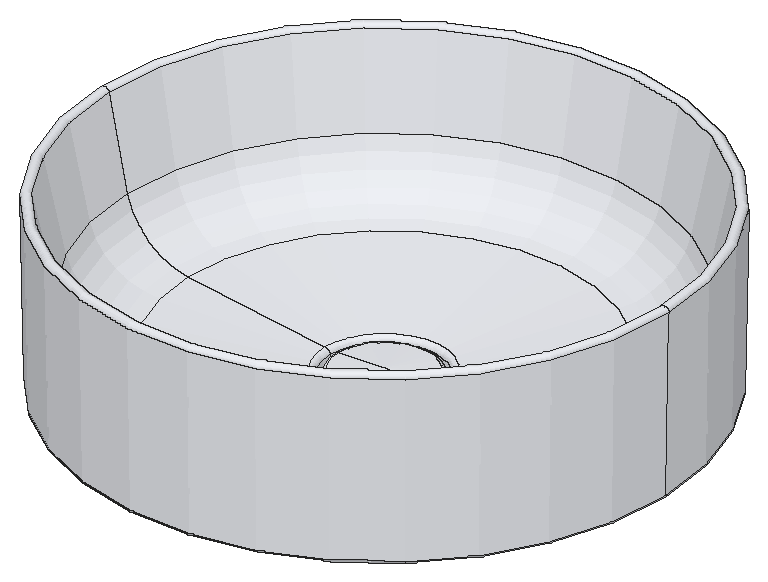
Revit family "LIANO II 400 ROUND ABOVE COUNTER BASIN NTH NOF", category Plumbing Fixtures, host Face, Revit 2019
Family settings
  Host = Face
  Round Connector Dimension = Use Diameter
  Part Type = Normal
  OmniClass Number = 23.45.05.14.14
  OmniClass Title = Sinks/Lavatories
  Cut with Voids When Loaded = Yes
  Shared = No
  Room Calculation Point = No
Parameters (values of type "LIANO II 400 ROUND ABOVE COUNTER BASIN NTH NOF WHITE")
  Waste Connection = yes
  Vent Connection = no
  URL = "https://www.caroma.com.au/"
  Model = "852500W"
  Material_Waste = GWA-Porcelain-White
  Material_Basin = GWA-Porcelain-White
  Manufacturer = "GWA Bathrooms & Kitchens"  # constant formula
  HW Connection = no
  Description = "LIANO II 400 ROUND ABOVE COUNTER BASIN NTH NOF WHITE"
  Default Elevation = 0 mm
  CreatedBy_ANZRS = "GWA Bathrooms & Kitchens"  # constant formula
  CW Connection = no
  Assembly Code = "D2010400"
Types (8, lengths in mm): name | Model | Material_Waste | Material_Basin | Description
  (no name) | "852500W" | GWA-Porcelain-White | GWA-Porcelain-White | "LIANO II 400 ROUND ABOVE COUNTER BASIN NTH NOF WHITE"
  LIANO II 400 ROUND ABOVE COUNTER BASIN NTH NOF WHITE | "852500W" | GWA-Porcelain-White | GWA-Porcelain-White | "LIANO II 400 ROUND ABOVE COUNTER BASIN NTH NOF WHITE"
  LIANO II 400 ROUND ABOVE COUNTER BASIN NTH NOF MATTE WHITE | "852500MW" | GWA-Porcelain-Matte-White | GWA-Porcelain-Matte-White | "LIANO II 400 ROUND ABOVE COUNTER BASIN NTH NOF MATTE WHITE"
  LIANO II 400 ROUND ABOVE COUNTER BASIN NTH NOF MATTE GREEN | "852500MG" | GWA-Porcelain-Green | GWA-Porcelain-Green | "LIANO II 400 ROUND ABOVE COUNTER BASIN NTH NOF MATTE GREEN"
  LIANO II 400 ROUND ABOVE COUNTER BASIN NTH NOF MATTE BLACK | "852500MB" | GWA-Porcelain-Black | GWA-Porcelain-Black | "LIANO II 400 ROUND ABOVE COUNTER BASIN NTH NOF MATTE BLACK"
  LIANO II 400 ROUND ABOVE COUNTER BASIN NTH NOF MATTE PINK | "852500MP" | GWA-Porcelain-Pink | GWA-Porcelain-Pink | "LIANO II 400 ROUND ABOVE COUNTER BASIN NTH NOF MATTE PINK"
  LIANO II 400 ROUND ABOVE COUNTER BASIN NTH NOF MATTE GREY | "852500MGR" | GWA-Porcelain-Grey | GWA-Porcelain-Grey | "LIANO II 400 ROUND ABOVE COUNTER BASIN NTH NOF MATTE GREY"
  LIANO II 400 ROUND ABOVE COUNTER BASIN NTH NOF MATTE SPECKLED | "852500MS" | GWA-Porcelain-Speckled | GWA-Porcelain-Speckled | "LIANO II 400 ROUND ABOVE COUNTER BASIN NTH NOF MATTE SPECKLED"
Reference planes
  plane 1 "Center (Front/Back)": y = 0
  plane 2: z = 0
  plane 3 "Center (Left/Right)": x = 0
  plane 4 "WasteConnection": z = -62.017
Forms (mm)
  Extrusion 1, void
    sketch origin (0, 0, 95.031) x (-1, 0, 0) y (0, -1, 0)
      loop
        circle (0, 0) r 195
    from 5 to -218.403
  Revolve 2, solid, material "GWA-Porcelain-White" <- "Material_Basin"
    sketch origin (0, 0, 0) x (1, 0, 0) y (0, 0, 1)
      loop
        line (137.953, 20.807) -> (41.634, 10.261)
        arc (41.634, 10.261) -> (39.199, 9.071) -> (38.081, 6.601) r 4
        line (38.081, 6.601) -> (37.117, -5.547)
        arc (37.117, -5.547) -> (36.761, -6.907) -> (35.958, -8.059) r 4
        line (35.958, -8.059) -> (23.172, -20.845)
        arc (23.172, -20.845) -> (22.305, -22.143) -> (22, -23.674) r 4
        line (22, -23.674) -> (22, -62.017) -> (32, -62.017) -> (33.272, -25.594) -> (47.161, -11.705) -> (47.913, -2.236)
        arc (47.913, -2.236) -> (48.75, -0.384) -> (50.576, 0.509) r 3
        line (50.576, 0.509) -> (129.413, 9.163)
        arc (129.413, 9.163) -> (131.961, 8.584) -> (133.608, 6.555) r 4
        line (133.608, 6.555) -> (136, -0.017) -> (197.025, -0.017)
        arc (197.025, -0.017) -> (197.727, 0.269) -> (198.027, 0.965) r 1
        line (198.027, 0.965) -> (200.17, 116.615)
        arc (200.17, 116.615) -> (197.189, 119.961) -> (193.621, 117.25) r 3.3
        arc (193.621, 117.25) -> (187.84, 87.649) -> (180.992, 58.277) r 832.818
        arc (180.992, 58.277) -> (165.343, 32.799) -> (137.953, 20.807) r 50
      axis (0, 117.25) -> (0, -62.017)
    angle from 0 to 360
  Revolve 3, solid, material "GWA-Porcelain-White" <- "Material_Waste"
    sketch origin (0, 0, 0) x (1, 0, 0) y (0, 0, 1)
      loop
        line (0, 5.983) -> (31.978, 5.983)
        arc (31.978, 5.983) -> (33.974, 7.86) -> (32.224, 9.968) r 2
        arc (32.224, 9.968) -> (16.143, 11.458) -> (0, 11.956) r 262.221
        line (0, 11.956) -> (0, 5.983)
      axis (0, 11.956) -> (0, 5.983)
    angle from 0 to 360
Lines and regions (mm)
  Masking region 1
    outline origin (0, 0, 0) x (1, 0, 0) y (0, 0, 1)
      loop
        arc (-198.028, 0.981) -> (-197.728, 0.286) -> (-197.028, 0) r 1
        line (-197.028, 0) -> (197.028, 0)
        arc (197.028, 0) -> (197.728, 0.286) -> (198.028, 0.981) r 1
        line (198.028, 0.981) -> (200.17, 116.639)
        arc (200.17, 116.639) -> (199.226, 119.012) -> (196.871, 120) r 3.3
        line (196.871, 120) -> (-196.871, 120)
        arc (-196.871, 120) -> (-199.226, 119.012) -> (-200.17, 116.639) r 3.3
        line (-200.17, 116.639) -> (-198.028, 0.981)
  Masking region 2
    outline origin (0, 0, 95.031) x (-1, 0, 0) y (0, -1, 0)
      loop
        circle (0, 0) r 200
  Masking region 3
    outline origin (0, 0, 0) x (0, 1, 0) y (0, 0, 1)
      loop
        arc (-198.028, 0.981) -> (-197.728, 0.286) -> (-197.028, 0) r 1
        line (-197.028, 0) -> (197.028, 0)
        arc (197.028, 0) -> (197.728, 0.286) -> (198.028, 0.981) r 1
        line (198.028, 0.981) -> (200.17, 116.639)
        arc (200.17, 116.639) -> (199.226, 119.012) -> (196.871, 120) r 3.3
        line (196.871, 120) -> (-196.871, 120)
        arc (-196.871, 120) -> (-199.226, 119.012) -> (-200.17, 116.639) r 3.3
        line (-200.17, 116.639) -> (-198.028, 0.981)
  symbolic lines
    curve 1: line (196.871, 0, 120) -> (-196.871, 0, 120)
    curve 2: line (197.028, 0, 0) -> (-197.028, 0, 0)
    curve 3: line (198.028, 0, 0.981) -> (200.17, 0, 116.639)
    curve 4: arc (198.028, 0, 0.981) -> (197.728, 0, 0.286) -> (197.028, 0, 0) r 1
    curve 5: line (-198.028, 0, 0.981) -> (-200.17, 0, 116.639)
    curve 6: arc (-198.028, 0, 0.981) -> (-197.728, 0, 0.286) -> (-197.028, 0, 0) r 1
    curve 7: arc (-200.17, 0, 116.639) -> (-199.226, 0, 119.012) -> (-196.871, 0, 120) r 3.3
    curve 8: arc (196.871, 0, 120) -> (199.226, 0, 119.012) -> (200.17, 0, 116.639) r 3.3
    curve 9: circle (0, 0, 95.031) r 200 normal (0, 0, 1)
    curve 10: circle (0, 0, 95.031) r 34 normal (0, 0, 1)
    curve 11: circle (0, 0, 95.031) r 38 normal (0, 0, 1)
    curve 12: circle (0, 0, 95.031) r 193.5 normal (0, 0, 1)
    curve 13: line (0, 196.871, 120) -> (0, -196.871, 120)
    curve 14: line (0, 197.028, 0) -> (0, -197.028, 0)
    curve 15: line (0, 198.028, 0.981) -> (0, 200.17, 116.639)
    curve 16: arc (0, 198.028, 0.981) -> (0, 197.728, 0.286) -> (0, 197.028, 0) r 1
    curve 17: line (0, -198.028, 0.981) -> (0, -200.17, 116.639)
    curve 18: arc (0, -198.028, 0.981) -> (0, -197.728, 0.286) -> (0, -197.028, 0) r 1
    curve 19: arc (0, -200.17, 116.639) -> (0, -199.226, 119.012) -> (0, -196.871, 120) r 3.3
    curve 20: arc (0, 196.871, 120) -> (0, 199.226, 119.012) -> (0, 200.17, 116.639) r 3.3
Dimensions and locks
  aligned and locked: plane 2 to host face
  aligned and locked: level to host face
Connectors
  piping at (0, 0, -62.017), diameter 40
    settings: index 1, connector inside diameter 609.6 mm, connector length 0 mm, flow factor 0, pipe flow 0.0 L/s, pressure drop 0.0 Pa, fitting loss kfactor 0, connector angle 0.00°, fixture units 0, engagement length 0 mm, angle of deflection 0.00°, flow configuration 3, flow direction 2, fitting loss method 0, system type 16, joint type 0, gender type 0, connector reference index -1, connector utility 0, adjustable connector no, is connector primary yes, connector description ""
